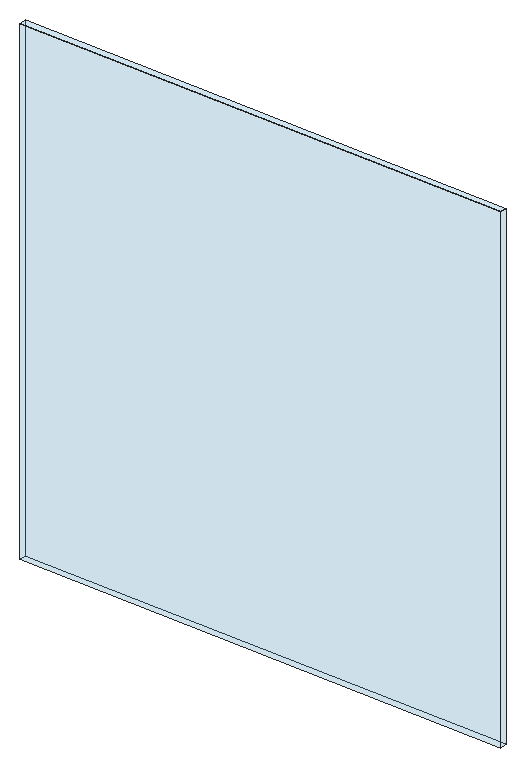
Revit family
Parameters (values of type "72" x 72"")
  Sealant = 0' - 0 3/8"
  Pocket Depth [instance] = 0' - 0 1/2"
  Head Height = Sill Height + Rough Height - Sealant  # 8' - 11 5/8"
  Depth [instance] = 0' - 5 1/4"
  Sill Height = 3' - 0"
  Rough Width = 6' - 0"
  Rough Height = 6' - 0"
  Model = "TC570"
  Material = ""
  Manufacturer = "Arcadia"
  Sightline = 0' - 2 5/8"
  Height = Rough Height - Sealant - Sealant  # 5' - 11 1/4"
  Wall Closure = (empty or 0)
  Width = Rough Width - Sealant - Sealant  # 5' - 11 1/4"
  Glass Thickness [instance] = 0' - 1"
  Offset to Inside Face of Glass [instance] = 0' - 3 1/4"
  Exterior Glass Offset [instance] = 0' - 2"
  Construction Type = "Aluminum"
  SBI [instance] = yes
  Center of Rough Opening [instance] = Rough Width / 2  # 3' - 0"
  Center of Glass [instance] = Glass Thickness / 2  # 0' - 0 1/2"
  Center Wall to Outside Face [instance] = 0' - 2 7/8"
  Assembly Code = ""
Reference planes (in)
  plane 1 "Center (Front/Back)": y = 0
  plane 2: z = 0
  plane 3 "Center (Left/Right)": x = 12
  plane 4 "Rough Opening Bottom": z = 36
  plane 5 "Rough Opening Top": z = 108
  plane 6 "Exterior Face": y = 5.5
  plane 7 "Frame Top": z = 105.375
  plane 8 "Frame Bottom": z = 38.625
  plane 9 "Rough Opening Left": x = -24
  plane 10 "Rough Opening Right": x = 48
  plane 11 "Frame Left": x = -21.375
  plane 12 "Frame Right": x = 45.375
  plane 13 "Exterior Wall Closer": y = 2
  plane 14 "Exterior Glass Edge": y = 3.04894
  plane 15 "Interior Glass Edge": y = 2.04894
  plane 16 "Glass Centerline": y = 2.54894
  plane 17 "Frame Outside": y = 4.04894
  plane 18 "Frame Inside": y = -1.20106
  plane 19: z = 105.875
  plane 20: z = 38.125
  plane 21: x = 45.875
  plane 22: x = -21.875
  plane 23: x = -23.625
  plane 24: x = 47.625
  plane 25: z = 36.375
  plane 26: z = 107.625
Forms (in)
  Extrusion 1, solid, material "Anodize Arcadia AC2 Clear #11", visible <- "SBI", detail levels coarse
    sketch origin (0, 0, 36) x (0, -1, 0) y (1, 0, 0)
      loop
        line (-4.04894, -24) -> (1.20106, -24) -> (1.20106, -21.375) -> (-2.04894, -21.375) -> (-2.04894, -21.875) -> (-3.04894, -21.875) -> (-3.04894, -21.375) -> (-4.04894, -21.375) -> (-4.04894, -24)
    from 0 to 72 <- "Rough Height"
  Extrusion 2, solid, material "Anodize Arcadia AC2 Clear #11", visible <- "SBI", detail levels coarse
    sketch origin (0, 0, 36) x (0, -1, 0) y (1, 0, 0)
      loop
        line (-4.04894, 45.375) -> (-3.04894, 45.375) -> (-3.04894, 45.875) -> (-2.04894, 45.875) -> (-2.04894, 45.375) -> (1.20106, 45.375) -> (1.20106, 48) -> (-4.04894, 48) -> (-4.04894, 45.375)
    from 0 to 72 <- "Rough Height"
  Extrusion 3, solid, material "Glass", visible <- "SBI"
    sketch origin (-0.5, 0, 36) x (0, -1, 0) y (1, 0, 0)
      loop
        line (-3.04894, -21.375) -> (-2.04894, -21.375) -> (-2.04894, 46.375) -> (-3.04894, 46.375) -> (-3.04894, -21.375)
    from 2.125 to 69.875
  Extrusion 4, solid, material "Anodize Arcadia AC2 Clear #11", detail levels coarse
    sketch origin (-24, 0, 0) x (0, 1, 0) y (0, 0, 1)
      loop
        line (-1.20106, 108) -> (-1.20106, 105.375) -> (2.04894, 105.375) -> (2.04894, 105.875) -> (3.04894, 105.875) -> (3.04894, 105.375) -> (4.04894, 105.375) -> (4.04894, 108) -> (-1.20106, 108)
    from 0 to 72 <- "Rough Width"
  Extrusion 5, solid, material "Anodize Arcadia AC2 Clear #11", detail levels coarse
    sketch origin (-24, 0, 0) x (0, 1, 0) y (0, 0, 1)
      loop
        line (4.04894, 38.625) -> (3.04894, 38.625) -> (3.04894, 38.125) -> (2.04894, 38.125) -> (2.04894, 38.625) -> (-1.20106, 38.625) -> (-1.20106, 36) -> (4.04894, 36) -> (4.04894, 38.625)
    from 0 to 72 <- "Rough Width"
  Extrusion 6, void
    sketch origin (0, 0, 36) x (0, -1, 0) y (1, 0, 0)
      loop
        line (-5.5, -24) -> (2.5, -24) -> (2.5, 48) -> (-5.5, 48) -> (-5.5, -24)
    from 0 to 72 <- "Rough Height"
Lines and regions (in)
  symbolic lines, detail levels coarse
    curve 1: line (45.375, 4.04894, 0) -> (48, 4.04894, 0)
    curve 2: line (45.375, -1.20106, 0) -> (45.375, 2.04894, 0)
    curve 3: line (48, -1.20106, 0) -> (45.375, -1.20106, 0)
    curve 4: line (48, 4.04894, 0) -> (48, -1.20106, 0)
    curve 5: line (-21.875, 3.04894, 0) -> (45.875, 3.04894, 0)
    curve 6: line (45.875, 3.04894, 0) -> (45.875, 2.04894, 0)
    curve 7: line (45.875, 2.04894, 0) -> (-21.875, 2.04894, 0)
    curve 8: line (45.375, 3.04894, 0) -> (45.375, 4.04894, 0)
    curve 9: line (-21.375, 4.04894, 0) -> (-24, 4.04894, 0)
    curve 10: line (-21.375, -1.20106, 0) -> (-21.375, 2.04894, 0)
    curve 11: line (-24, -1.20106, 0) -> (-21.375, -1.20106, 0)
    curve 12: line (-24, 4.04894, 0) -> (-24, -1.20106, 0)
    curve 13: line (-21.875, 3.04894, 0) -> (-21.875, 2.04894, 0)
    curve 14: line (-21.375, 3.04894, 0) -> (-21.375, 4.04894, 0)
Text (in)
  text "EXTERIOR" at (-58.6888, 50.90694, 0), in view "Ref. Level"
  text "INTERIOR" at (-58.6888, -37.76638, 0), in view "Ref. Level"
  text "Exterior" at (0, 43.65631, 123.19604), in view "Left"
  text "Exterior" at (0, 18.29385, 125.04747), in view "Right"
Dimensions and locks (in)
  "Rough Height": plane 4 "Rough Opening Bottom" to plane 5 "Rough Opening Top"
  "Sill Height": plane 2 to plane 4 "Rough Opening Bottom"
  "Sightline": plane 7 "Frame Top" to plane 5 "Rough Opening Top"
  "Sightline": plane 4 "Rough Opening Bottom" to plane 8 "Frame Bottom"
  "Rough Width": plane 9 "Rough Opening Left" to plane 10 "Rough Opening Right"
  "Sightline": plane 9 "Rough Opening Left" to plane 11 "Frame Left"
  "Sightline": plane 12 "Frame Right" to plane 10 "Rough Opening Right"
  "Depth": plane 18 "Frame Inside" to plane 17 "Frame Outside"
  "Glass Thickness": plane 14 "Exterior Glass Edge" to plane 15 "Interior Glass Edge"
  "Center of Glass": plane 16 "Glass Centerline" to plane 15 "Interior Glass Edge"
  "Center of Rough Opening": plane 9 "Rough Opening Left" to plane 3 "Center (Left/Right)"
  "Offset to Inside Face of Glass": plane 18 "Frame Inside" to plane 15 "Interior Glass Edge"
  "Pocket Depth": plane 12 "Frame Right" to plane 21
  "Pocket Depth": plane 22 to plane 11 "Frame Left"
  "Pocket Depth": plane 7 "Frame Top" to plane 19
  "Pocket Depth": plane 20 to plane 8 "Frame Bottom"
  "Sealant": plane 24 to plane 10 "Rough Opening Right"
  "Sealant": plane 9 "Rough Opening Left" to plane 23
  "Sealant": plane 4 "Rough Opening Bottom" to plane 25
  "Sealant": plane 26 to plane 5 "Rough Opening Top"
  aligned and locked: plane 6 "Exterior Face" to host wall
  aligned and locked: Extrusion 1 sketch curve to plane 18 "Frame Inside"
  aligned and locked: plane 17 "Frame Outside" to Extrusion 1 sketch curve
  aligned and locked: Extrusion 1 sketch curve to plane 11 "Frame Left"
  aligned and locked: plane 9 "Rough Opening Left" to Extrusion 1 sketch curve
  aligned and locked: plane 12 "Frame Right" to Extrusion 2 sketch curve
  aligned and locked: Extrusion 2 sketch curve to plane 10 "Rough Opening Right"
  aligned and locked: Extrusion 2 sketch curve to plane 18 "Frame Inside"
  aligned and locked: plane 17 "Frame Outside" to Extrusion 2 sketch curve
  aligned and locked: Extrusion 3 sketch curve to plane 14 "Exterior Glass Edge"
  aligned and locked: plane 15 "Interior Glass Edge" to Extrusion 3 sketch curve
  aligned and locked: plane 5 "Rough Opening Top" to Extrusion 4 sketch curve
  aligned and locked: Extrusion 4 sketch curve to plane 7 "Frame Top"
  aligned and locked: Extrusion 4 sketch curve to plane 18 "Frame Inside"
  aligned and locked: plane 17 "Frame Outside" to Extrusion 4 sketch curve
  aligned and locked: Extrusion 5 sketch curve to plane 4 "Rough Opening Bottom"
  aligned and locked: plane 8 "Frame Bottom" to Extrusion 5 sketch curve
  aligned and locked: Extrusion 5 sketch curve to plane 18 "Frame Inside"
  aligned and locked: plane 17 "Frame Outside" to Extrusion 5 sketch curve
  aligned and locked: plane 4 "Rough Opening Bottom" to nested 3
  aligned and locked: nested 2 to plane 5 "Rough Opening Top"
  aligned and locked: Extrusion 3 to plane 22
  aligned and locked: plane 20 to Extrusion 3
  aligned and locked: Extrusion 3 to plane 19
  aligned and locked: plane 18 "Frame Inside" to nested 3
  aligned and locked: plane 18 "Frame Inside" to nested 2
  aligned and locked: nested 4 to plane 9 "Rough Opening Left"
  aligned and locked: nested 4 to plane 17 "Frame Outside"
  aligned and locked: nested 1 to plane 17 "Frame Outside"
  aligned and locked: plane 10 "Rough Opening Right" to nested 1
  aligned and locked: Extrusion 2 sketch curve to plane 14 "Exterior Glass Edge"
  aligned and locked: plane 15 "Interior Glass Edge" to Extrusion 2 sketch curve
  aligned and locked: Extrusion 2 sketch curve to plane 21
  aligned and locked: plane 14 "Exterior Glass Edge" to Extrusion 1 sketch curve
  aligned and locked: Extrusion 1 sketch curve to plane 15 "Interior Glass Edge"
  aligned and locked: Extrusion 1 sketch curve to plane 22
  aligned and locked: plane 14 "Exterior Glass Edge" to Extrusion 4 sketch curve
  aligned and locked: Extrusion 4 sketch curve to plane 15 "Interior Glass Edge"
  aligned and locked: Extrusion 4 sketch curve to plane 19
  aligned and locked: plane 14 "Exterior Glass Edge" to Extrusion 5 sketch curve
  aligned and locked: Extrusion 5 sketch curve to plane 15 "Interior Glass Edge"
  aligned and locked: plane 20 to Extrusion 5 sketch curve
  aligned and locked: plane 17 "Frame Outside" to curve 1
  aligned and locked: curve 3 to plane 18 "Frame Inside"
  aligned and locked: curve 4 to plane 10 "Rough Opening Right"
  aligned and locked: plane 12 "Frame Right" to curve 8
  aligned and locked: plane 12 "Frame Right" to curve 2
  aligned and locked: curve 6 to plane 21
  aligned and locked: curve 5 to plane 14 "Exterior Glass Edge"
  aligned and locked: plane 15 "Interior Glass Edge" to curve 7
  aligned and locked: curve 12 to plane 9 "Rough Opening Left"
  aligned and locked: plane 11 "Frame Left" to curve 14
  aligned and locked: plane 11 "Frame Left" to curve 10
  aligned and locked: curve 13 to plane 22
  aligned and locked: plane 18 "Frame Inside" to curve 11
  aligned and locked: curve 9 to plane 17 "Frame Outside"
  aligned and locked: level to plane 2
  aligned and locked: plane 9 "Rough Opening Left" to Extrusion 6 sketch curve
  aligned and locked: plane 6 "Exterior Face" to Extrusion 6 sketch curve
  aligned and locked: host wall to Extrusion 6 sketch curve
  aligned and locked: plane 10 "Rough Opening Right" to Extrusion 6 sketch curve
  aligned and locked: import instance to plane 5 "Rough Opening Top"
  aligned and locked: plane 17 "Frame Outside" to import instance  (x2)
  aligned and locked: plane 18 "Frame Inside" to import instance
  aligned and locked: import instance to plane 4 "Rough Opening Bottom"
  aligned and locked: plane 9 "Rough Opening Left" to import instance
  aligned and locked: import instance to plane 17 "Frame Outside"
  aligned and locked: plane 10 "Rough Opening Right" to import instance
Automatic sketch dimensions
  Extrusion 1 sketch curve to plane 11 "Frame Left" = 0' - 0"
  Extrusion 2 sketch curve to plane 12 "Frame Right" = 0' - 0"
  Extrusion 4 sketch curve to plane 7 "Frame Top" = 0' - 0"
  Extrusion 5 sketch curve to plane 8 "Frame Bottom" = 0' - 0"
  Extrusion 3 sketch curve to plane 22 = 0' - 0"
  Extrusion 3 sketch curve to plane 21 = 0' - 0"
Nested families (in)
  nested 1: "Window-Arcadia-TC570-Med-Jamb-R" at (46.9375, 2.54894, 0) x (-1, 0, 0) z (0, 0, 1), type "Window-Arcadia-TC570-Med-Jamb-R", detail levels medium
    with Sightline 0' - 2 5/8", Pocket Depth 0' - 0 1/2", Offset to Inside Face of Glass 0' - 3 1/4", Glass Width 0' - 1", Frame Wall Thickness 0' - 0 3/32", Depth 0' - 5 1/4", Center of Glass 0' - 0 1/2"
  nested 2: "Window-Arcadia-TC570-Med-Head" at (33.875, 2.54894, 108) x (0, -1, 0) z (1, 0, 0), type "Window-Arcadia-TC570-Med-Head", detail levels medium
    with Sightline 0' - 2 5/8", Pocket Depth 0' - 0 1/2", Offset to Inside Face of Glass 0' - 3 1/4", Frame Wall Thickness 0' - 0 3/32", Depth 0' - 5 1/4", Center of Glass 0' - 0 1/2"
  nested 3: "Window-Arcadia-TC570-Med-Sill" at (33.875, 2.54894, 36) x (0, -1, 0) z (1, 0, 0), type "Window-Arcadia-TC570-Med-Sill", detail levels medium
    with Sightline 0' - 2 5/8", Pocket Depth 0' - 0 1/2", Offset to Inside Face of Glass 0' - 3 1/4", Frame Wall Thickness 0' - 0 3/32", Depth 0' - 5 1/4", Center of Glass 0' - 0 1/2"
  nested 4: "Window-Arcadia-TC570-Med-Jamb-L" at (-22.9375, 2.54894, 0) x (-1, 0, 0) z (0, 0, 1), type "Window-Arcadia-TC570-Med-Jamb-L", detail levels medium
    with Sightline 0' - 2 5/8", Pocket Depth 0' - 0 1/2", Offset to Inside Face of Glass 0' - 3 1/4", Glass Width 0' - 1", Frame Wall Thickness 0' - 0 3/32", Depth 0' - 5 1/4", Center of Glass 0' - 0 1/2"
Definition of nested family "Window-Arcadia-TC570-Med-Jamb-R"
  Parameters (values of type "Window-Arcadia-TC670-Med-Jamb-R")
    Depth [instance] = 0' - 6"
    Pocket Depth [instance] = 0' - 0 3/4"
    Offset to Inside Face of Glass [instance] = 0' - 4"
    Glass Width [instance] = 0' - 1"
    Sightline [instance] = 0' - 2 5/8"
    Center of Glass [instance] = Glass Width / 2  # 0' - 0 1/2"
    Frame Wall Thickness [instance] = 0' - 0 3/32"
    Assembly Code = ""
  Reference planes (in)
    plane 1 "Center (Front/Back)": y = 0
    plane 2: z = 0
    plane 3: x = 1.5625
    plane 4 "back": x = -1.0625
    plane 5: y = 4.5
    plane 6: y = -1.5
    plane 7 "Inside Face of Glass": y = 0.5
    plane 8: y = -0.5
    plane 9: x = 0.8125
  Lines and regions (in)
    detail lines, in view "Ref. Level", detail levels medium
      curve 1: line (-1.0625, 4.5, 0) -> (-1.0625, -1.5, 0)
      curve 2: line (-1.0625, -1.5, 0) -> (1.5625, -1.5, 0)
      curve 3: line (1.5625, -1.5, 0) -> (1.5625, -0.5, 0)
      curve 4: line (1.5625, -0.5, 0) -> (0.8125, -0.5, 0)
      curve 5: line (0.8125, -0.5, 0) -> (0.8125, 0.5, 0)
      curve 6: line (0.8125, 0.5, 0) -> (1.5625, 0.5, 0)
      curve 7: line (1.5625, 0.5, 0) -> (1.5625, 4.5, 0)
      curve 8: line (1.5625, 4.5, 0) -> (-1.0625, 4.5, 0)
      curve 9: line (1.46875, 4.40625, 0) -> (-0.96875, 4.40625, 0)
      curve 10: line (-0.96875, 4.40625, 0) -> (-0.96875, -1.40625, 0)
      curve 11: line (-0.96875, -1.40625, 0) -> (1.46875, -1.40625, 0)
      curve 12: line (1.46875, -1.40625, 0) -> (1.46875, -0.59375, 0)
      curve 13: line (1.46875, -0.59375, 0) -> (0.71875, -0.59375, 0)
      curve 14: line (0.71875, -0.59375, 0) -> (0.71875, 0.59375, 0)
      curve 15: line (0.71875, 0.59375, 0) -> (1.46875, 0.59375, 0)
      curve 16: line (1.46875, 0.59375, 0) -> (1.46875, 4.40625, 0)
      curve 17: line (1.5625, 4.5, 0) -> (-1.0625, 4.5, 0)
      curve 18: line (-1.0625, 4.40625, 0) -> (-1.0625, -1.5, 0)
  Dimensions and locks (in)
    "Sightline": plane 4 "back" to plane 3
    "Depth": plane 5 to plane 6
    "Center of Glass": plane 1 "Center (Front/Back)" to plane 7 "Inside Face of Glass"
    "Glass Width": plane 8 to plane 7 "Inside Face of Glass"
    "Pocket Depth": plane 9 to plane 3
    "Offset to Inside Face of Glass": plane 5 to plane 7 "Inside Face of Glass"
    "Frame Wall Thickness": plane 5 to curve 9
    "Frame Wall Thickness": plane 4 "back" to curve 10
    "Frame Wall Thickness": curve 11 to plane 6
    "Frame Wall Thickness": curve 12 to plane 3
    "Frame Wall Thickness": curve 13 to plane 8
    "Frame Wall Thickness": plane 7 "Inside Face of Glass" to curve 15
    "Frame Wall Thickness": curve 14 to plane 9
    "Frame Wall Thickness": curve 16 to plane 3
    aligned and locked: plane 5 to curve 8
    aligned and locked: curve 1 to plane 4 "back"
    aligned and locked: curve 2 to plane 6
    aligned and locked: plane 3 to curve 3
    aligned and locked: curve 4 to plane 8
    aligned and locked: plane 9 to curve 5
    aligned and locked: plane 7 "Inside Face of Glass" to curve 6
    aligned and locked: plane 3 to curve 7
  Automatic sketch dimensions
    curve 18 to curve 9 = 0' - 0"
Definition of nested family "Window-Arcadia-TC570-Med-Head"
  Parameters (values of type "Window-Arcadia-TC670-Med-Head")
    Depth [instance] = 0' - 6"
    Pocket Depth [instance] = 0' - 0 1/2"
    Offset to Inside Face of Glass [instance] = 0' - 4"
    Glass Width = 0' - 1"
    Sightline [instance] = 0' - 2 5/8"
    Center of Glass [instance] = Glass Width / 2  # 0' - 0 1/2"
    Frame Wall Thickness [instance] = 0' - 0 3/32"
    Assembly Code = ""
  Reference planes (in)
    plane 1 "Center (Front/Back)": y = 0
    plane 2: z = 0
    plane 3 "Center (Left/Right)": x = 0
    plane 4: x = -0.5
    plane 5 "Inside Face of Glass": x = 0.5
    plane 6: y = -2.625
    plane 7: x = 4.5
    plane 8: x = -1.5
    plane 9: y = -2.125
  Lines and regions (in)
    detail lines, in view "Ref. Level", detail levels medium
      curve 1: line (-1.5, 0, 0) -> (-1.5, -2.625, 0)
      curve 2: line (-1.5, -2.625, 0) -> (-0.5, -2.625, 0)
      curve 3: line (-0.5, -2.625, 0) -> (-0.5, -2.125, 0)
      curve 4: line (-0.5, -2.125, 0) -> (0.5, -2.125, 0)
      curve 5: line (0.5, -2.125, 0) -> (0.5, -2.625, 0)
      curve 6: line (0.5, -2.625, 0) -> (4.5, -2.625, 0)
      curve 7: line (4.5, -2.625, 0) -> (4.5, 0, 0)
      curve 8: line (4.5, 0, 0) -> (-1.5, 0, 0)
      curve 9: line (-1.40625, -0.09375, 0) -> (-1.40625, -2.53125, 0)
      curve 10: line (4.40625, -0.09375, 0) -> (-1.40625, -0.09375, 0)
      curve 11: line (4.40625, -2.53125, 0) -> (4.40625, -0.09375, 0)
      curve 12: line (0.59375, -2.53125, 0) -> (4.40625, -2.53125, 0)
      curve 13: line (-1.40625, -2.53125, 0) -> (-0.59375, -2.53125, 0)
      curve 14: line (-0.59375, -2.53125, 0) -> (-0.59375, -2.03125, 0)
      curve 15: line (-0.59375, -2.03125, 0) -> (0.59375, -2.03125, 0)
      curve 16: line (0.59375, -2.03125, 0) -> (0.59375, -2.53125, 0)
  Dimensions and locks (in)
    "Sightline": plane 6 to plane 1 "Center (Front/Back)"
    "Depth": plane 8 to plane 7
    "Pocket Depth": plane 6 to plane 9
    "Offset to Inside Face of Glass": plane 5 "Inside Face of Glass" to plane 7
    "Glass Width": plane 4 to plane 5 "Inside Face of Glass"
    "Center of Glass": plane 3 "Center (Left/Right)" to plane 5 "Inside Face of Glass"
    "Frame Wall Thickness": plane 8 to curve 9
    "Frame Wall Thickness": curve 10 to plane 1 "Center (Front/Back)"
    "Frame Wall Thickness": curve 11 to plane 7
    "Frame Wall Thickness": plane 6 to curve 12
    "Frame Wall Thickness": plane 6 to curve 13
    "Frame Wall Thickness": plane 9 to curve 15
    "Frame Wall Thickness": plane 5 "Inside Face of Glass" to curve 16
    "Frame Wall Thickness": curve 14 to plane 4
    aligned and locked: curve 8 to plane 1 "Center (Front/Back)"
    aligned and locked: plane 7 to curve 7
    aligned and locked: curve 1 to plane 8
    aligned and locked: plane 9 to curve 4
    aligned and locked: plane 4 to curve 3
    aligned and locked: plane 6 to curve 2
    aligned and locked: plane 6 to curve 6
  Automatic sketch dimensions
    curve 5 to plane 5 "Inside Face of Glass" = 0' - 0"
Definition of nested family "Window-Arcadia-TC570-Med-Sill"
  Parameters (values of type "Window-Arcadia-TC670-Med-Sill")
    Depth [instance] = 0' - 6"
    Pocket Depth [instance] = 0' - 0 1/2"
    Offset to Inside Face of Glass [instance] = 0' - 4"
    Glass Width = 0' - 1"
    Sightline [instance] = 0' - 2 5/8"
    Center of Glass [instance] = Glass Width / 2  # 0' - 0 1/2"
    Frame Wall Thickness [instance] = 0' - 0 3/32"
    Assembly Code = ""
  Reference planes (in)
    plane 1 "Center (Front/Back)": y = 0
    plane 2: z = 0
    plane 3 "Center (Left/Right)": x = 0
    plane 4: x = -0.5
    plane 5 "Inside Face of Glass": x = 0.5
    plane 6: y = 2.625
    plane 7: x = 4.5
    plane 8: x = -1.5
    plane 9: y = 2.125
  Lines and regions (in)
    detail lines, in view "Ref. Level", detail levels medium
      curve 1: line (-1.5, 2.625, 0) -> (-1.5, 0, 0)
      curve 2: line (-1.5, 0, 0) -> (4.5, 0, 0)
      curve 3: line (4.5, 0, 0) -> (4.5, 2.625, 0)
      curve 4: line (4.5, 2.625, 0) -> (0.5, 2.625, 0)
      curve 5: line (0.5, 2.625, 0) -> (0.5, 2.125, 0)
      curve 6: line (0.5, 2.125, 0) -> (-0.5, 2.125, 0)
      curve 7: line (-0.5, 2.125, 0) -> (-0.5, 2.625, 0)
      curve 8: line (-0.5, 2.625, 0) -> (-1.5, 2.625, 0)
      curve 9: line (-0.59375, 2.53125, 0) -> (-1.40625, 2.53125, 0)
      curve 10: line (-1.40625, 2.53125, 0) -> (-1.40625, 0.09375, 0)
      curve 11: line (-1.40625, 0.09375, 0) -> (4.40625, 0.09375, 0)
      curve 12: line (4.40625, 0.09375, 0) -> (4.40625, 2.53125, 0)
      curve 13: line (4.40625, 2.53125, 0) -> (0.59375, 2.53125, 0)
      curve 14: line (0.59375, 2.53125, 0) -> (0.59375, 2.03125, 0)
      curve 15: line (0.59375, 2.03125, 0) -> (-0.59375, 2.03125, 0)
      curve 16: line (-0.59375, 2.03125, 0) -> (-0.59375, 2.53125, 0)
  Dimensions and locks (in)
    "Pocket Depth": plane 9 to plane 6
    "Sightline": plane 1 "Center (Front/Back)" to plane 6
    "Depth": plane 8 to plane 7
    "Offset to Inside Face of Glass": plane 5 "Inside Face of Glass" to plane 7
    "Glass Width": plane 4 to plane 5 "Inside Face of Glass"
    "Center of Glass": plane 3 "Center (Left/Right)" to plane 5 "Inside Face of Glass"
    "Frame Wall Thickness": curve 9 to plane 6
    "Frame Wall Thickness": plane 8 to curve 10
    "Frame Wall Thickness": plane 1 "Center (Front/Back)" to curve 11
    "Frame Wall Thickness": curve 12 to plane 7
    "Frame Wall Thickness": curve 13 to plane 6
    "Frame Wall Thickness": plane 5 "Inside Face of Glass" to curve 14
    "Frame Wall Thickness": curve 15 to plane 9
    "Frame Wall Thickness": curve 16 to plane 4
    aligned and locked: plane 1 "Center (Front/Back)" to curve 2
    aligned and locked: plane 7 to curve 3
    aligned and locked: curve 1 to plane 8
    aligned and locked: curve 8 to plane 6
    aligned and locked: curve 4 to plane 6
    aligned and locked: curve 6 to plane 9
    aligned and locked: curve 5 to plane 5 "Inside Face of Glass"
    aligned and locked: plane 4 to curve 7
  Automatic sketch dimensions
    curve 7 to plane 9 = 0' - 0"
Definition of nested family "Window-Arcadia-TC570-Med-Jamb-L"
  Parameters (values of type "Window-Arcadia-TC670-Med-Jamb-L")
    Depth [instance] = 0' - 6"
    Pocket Depth [instance] = 0' - 0 1/2"
    Offset to Inside Face of Glass [instance] = 0' - 4"
    Glass Width [instance] = 0' - 1"
    Sightline [instance] = 0' - 2 1/8"
    Center of Glass [instance] = Glass Width / 2  # 0' - 0 1/2"
    Frame Wall Thickness [instance] = 0' - 0 3/32"
    Assembly Code = ""
  Reference planes (in)
    plane 1 "Center (Front/Back)": y = 0
    plane 2: z = 0
    plane 3 "BACK": x = 1.0625
    plane 4 "FRONT": x = -1.0625
    plane 5: y = 1.5
    plane 6: y = -4.5
    plane 7 "Inside Face of Glass": y = 0.5
    plane 8: y = -0.5
    plane 9: x = -0.5625
  Lines and regions (in)
    detail lines, in view "Ref. Level", detail levels medium
      curve 1: line (1.0625, 1.5, 0) -> (1.0625, -4.5, 0)
      curve 2: line (1.0625, -4.5, 0) -> (-1.0625, -4.5, 0)
      curve 3: line (-1.0625, -4.5, 0) -> (-1.0625, -0.5, 0)
      curve 4: line (-1.0625, -0.5, 0) -> (-0.5625, -0.5, 0)
      curve 5: line (-0.5625, -0.5, 0) -> (-0.5625, 0.5, 0)
      curve 6: line (-0.5625, 0.5, 0) -> (-1.0625, 0.5, 0)
      curve 7: line (-1.0625, 0.5, 0) -> (-1.0625, 1.5, 0)
      curve 8: line (-1.0625, 1.5, 0) -> (1.0625, 1.5, 0)
      curve 9: line (-0.96875, 1.40625, 0) -> (0.96875, 1.40625, 0)
      curve 10: line (-0.96875, 0.59375, 0) -> (-0.96875, 1.40625, 0)
      curve 11: line (-0.46875, 0.59375, 0) -> (-0.96875, 0.59375, 0)
      curve 12: line (-0.46875, -0.59375, 0) -> (-0.46875, 0.59375, 0)
      curve 13: line (-0.96875, -0.59375, 0) -> (-0.46875, -0.59375, 0)
      curve 14: line (-0.96875, -4.40625, 0) -> (-0.96875, -0.59375, 0)
      curve 15: line (0.96875, -4.40625, 0) -> (-0.96875, -4.40625, 0)
      curve 16: line (0.96875, 1.40625, 0) -> (0.96875, -4.40625, 0)
  Dimensions and locks (in)
    "Depth": plane 5 to plane 6
    "Pocket Depth": plane 4 "FRONT" to plane 9
    "Sightline": plane 4 "FRONT" to plane 3 "BACK"
    "Glass Width": plane 8 to plane 7 "Inside Face of Glass"
    "Center of Glass": plane 1 "Center (Front/Back)" to plane 7 "Inside Face of Glass"
    "Frame Wall Thickness": plane 4 "FRONT" to curve 10
    "Frame Wall Thickness": plane 5 to curve 9
    "Frame Wall Thickness": curve 15 to plane 6
    "Frame Wall Thickness": curve 13 to plane 8
    "Frame Wall Thickness": plane 9 to curve 12
    "Frame Wall Thickness": plane 7 "Inside Face of Glass" to curve 11
    "Frame Wall Thickness": plane 4 "FRONT" to curve 14
    "Offset to Inside Face of Glass": plane 6 to plane 8
    aligned and locked: curve 8 to plane 5
    aligned and locked: curve 1 to plane 3 "BACK"
    aligned and locked: plane 6 to curve 2
    aligned and locked: curve 3 to plane 4 "FRONT"
    aligned and locked: plane 8 to curve 4
    aligned and locked: plane 9 to curve 5
    aligned and locked: curve 6 to plane 7 "Inside Face of Glass"
    aligned and locked: plane 4 "FRONT" to curve 7
  Automatic sketch dimensions
    curve 16 to plane 3 "BACK" = 0' - 0 3/32"
